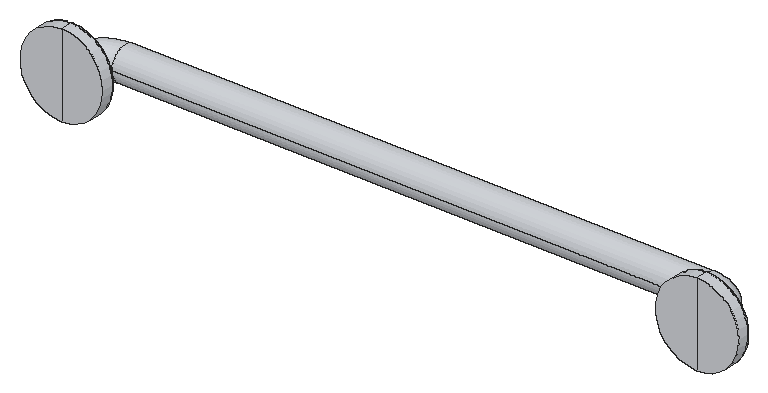
Revit family "Commercial Peened Wall Mount Grab bar C9061 seris", category Plumbing Fixtures, Revit 2018
Family settings
  Round Connector Dimension = Use Diameter
  Part Type = Normal
  Work Plane-Based = No
  Always vertical = Yes
  Cut with Voids When Loaded = No
  Shared = No
  Room Calculation Point = No
Parameters (values of type "C9066-48" Commercial Peened Wall Mount Grab Bars")
  tube dia 2 [instance] = 0' - 2.52"
  base depth [instance] = 0' - 1"
  Weight (lbs) = "2.99"
  URL = "https://kromedispense.co.in/"
  Tube Dia [instance] = 0' - 1"
  Model = "C9066"
  Grab Bar space [instance] = 0' - 2 3/4"
  Grab Bar Material [instance] = Stainless Steel
  Grab Bar Length = 4' - 0"
Types (6): name | Weight (lbs) | Tube Dia | Model | Grab Bar Material | Grab Bar Length
  C9061-9" Commercial Peened Wall Mount Grab Bars | ".97" | 0' - 1 67/256" | "C9061" | none | 0' - 9"
  C9062-12" Commercial Peened Wall Mount Grab Bars | "1.13" | 0' - 1 67/256" | "C9062" | none | 1' - 0"
  C9065-36" Commercial Peened Wall Mount Grab Bars | "2.37" | 0' - 1 67/256" | "C9065" | none | 3' - 0"
  C9063-18" Commercial Peened Wall Mount Grab Bars | "1.44" | 0' - 1 67/256" | "C9063" | none | 1' - 6"
  C9066-48" Commercial Peened Wall Mount Grab Bars | "2.99" | 0' - 1" | "C9066" | Stainless Steel | 4' - 0"
  C9064-24" Commercial Peened Wall Mount Grab Bars | "1.75" | 0' - 1 67/256" | "C9064" | none | 2' - 0"
Reference planes (in)
  plane 1: y = 33.3
  plane 2 "Center (Left/Right)": x = 0
  plane 3 "Wall Edge": y = 6.05
  plane 4 "Grab Bar hight": z = 30
  plane 5 "point 1": x = -48
  plane 6 "WALL FACE": y = 3.8
  plane 7 "Base Depth": y = 4.8
  plane 8: x = -50
  plane 9: x = 2
  plane 10 "bar offcet c/c": y = 7.3
Forms (in)
  Sweep 1, solid
    path origin (0, 0, 0) x (1, 0, 0) y (0, 1, 0)
      loop
        line (-48, 4.8) -> (-48, 5.3)
        arc (-48, 5.3) -> (-47.41421, 6.71421) -> (-46, 7.3) r 2
        line (-46, 7.3) -> (-2, 7.3)
        arc (-2, 7.3) -> (-0.58579, 6.71421) -> (0, 5.3) r 2
        line (0, 5.3) -> (0, 4.8)
    profile origin (-24, 7.3, 0) x (0, 1, 0) y (0, 0, 1)
      loop
        circle (0, 30) r 1.25
  Revolve 2, solid
    sketch origin (0, 0, 0) x (0, 1, 0) y (0, 0, 1)
      loop
        line (4.8, 31.32315) -> (4.8, 33.05335)
        arc (4.8, 33.05335) -> (4.77755, 33.10755) -> (4.72335, 33.13) r 0.07665
        line (4.72335, 33.13) -> (3.8, 33.13) -> (3.8, 30) -> (4.7123, 30) -> (4.7123, 31.27837) -> (4.75522, 31.27837)
        arc (4.75522, 31.27837) -> (4.78688, 31.29149) -> (4.8, 31.32315) r 0.04478
      axis (3.8, 30) -> (4.8, 30)
    angle from 0 to 360
  Revolve 3, solid
    sketch origin (-48, 0, 0) x (0, 1, 0) y (0, 0, 1)
      loop
        line (4.8, 31.32315) -> (4.8, 33.05335)
        arc (4.8, 33.05335) -> (4.77755, 33.10755) -> (4.72335, 33.13) r 0.07665
        line (4.72335, 33.13) -> (3.8, 33.13) -> (3.8, 30) -> (4.7123, 30) -> (4.7123, 31.27837) -> (4.75522, 31.27837)
        arc (4.75522, 31.27837) -> (4.78688, 31.29149) -> (4.8, 31.32315) r 0.04478
      axis (3.8, 30) -> (4.8, 30)
    angle from 0 to 360
Text (in)
  text "Placement Side" at (0, 40.15149, 123.01588), in view "Right"
  text "Placement Side" at (-70.3804, 28.46503, 0), in view "Ref. Level"
  text "Placement Side" at (0, 81.62555, 140.59947), in view "Left"
Dimensions and locks (in)
  "Grab Bar Length": plane 5 "point 1" to plane 2 "Center (Left/Right)"
  "base depth": plane 6 "WALL FACE" to plane 7 "Base Depth"
  locked: plane 5 "point 1" to plane 8 at 2
  locked: plane 9 to plane 2 "Center (Left/Right)" at 2
Automatic sketch dimensions
  Sweep 1 sketch curve to plane 5 "point 1" = 0' - 0"
  Sweep 1 sketch curve to plane 10 "bar offcet c/c" = 0' - 0"
  Sweep 1 sketch curve to plane 2 "Center (Left/Right)" = 0' - 0"
  plane 7 "Base Depth" to Sweep 1 sketch curve = 0' - 0"  (x2)
  plane 5 "point 1" to Sweep 1 sketch curve = 0' - 2"
  Sweep 1 sketch curve to plane 7 "Base Depth" = 0' - 0 1/2"
  Sweep 1 sketch curve to profile plane = 0' - 0"
  profile plane to Sweep 1 sketch curve = 2' - 6"
  Revolve 2 sketch curve to plane 4 "Grab Bar hight" = 0' - 0"  (x2)
  Revolve 2 sketch curve to plane 6 "WALL FACE" = 0' - 0"  (x2)
  Revolve 2 sketch curve to plane 7 "Base Depth" = 0' - 0"
  plane 7 "Base Depth" to Revolve 2 sketch curve = 0' - 0.0877"
  plane 7 "Base Depth" to Revolve 2 sketch curve = 0' - 0.07665"
  Revolve 2 sketch curve to Revolve 2 sketch curve = 0' - 0.04292"
  plane 4 "Grab Bar hight" to Revolve 2 sketch curve = 0' - 1.27837"
  Revolve 2 sketch curve to Revolve 2 sketch curve = 0' - 1.73019"
  Revolve 2 sketch curve to plane 7 "Base Depth" = 0' - 0.4033"
  Revolve 3 sketch curve to plane 4 "Grab Bar hight" = 0' - 0"  (x2)
  Revolve 3 sketch curve to plane 6 "WALL FACE" = 0' - 0"  (x2)
  Revolve 3 sketch curve to plane 7 "Base Depth" = 0' - 0"
  plane 7 "Base Depth" to Revolve 3 sketch curve = 0' - 0.0877"
  Revolve 3 sketch curve to Revolve 3 sketch curve = 0' - 0.07665"
  Revolve 3 sketch curve to Revolve 3 sketch curve = 0' - 0.04292"
  plane 4 "Grab Bar hight" to Revolve 3 sketch curve = 0' - 1.27837"
  Revolve 3 sketch curve to Revolve 3 sketch curve = 0' - 1.73019"
  Revolve 3 sketch curve to plane 7 "Base Depth" = 0' - 0.4033"
  radius of Sweep 1 sketch curve = 0' - 1 1/4"
